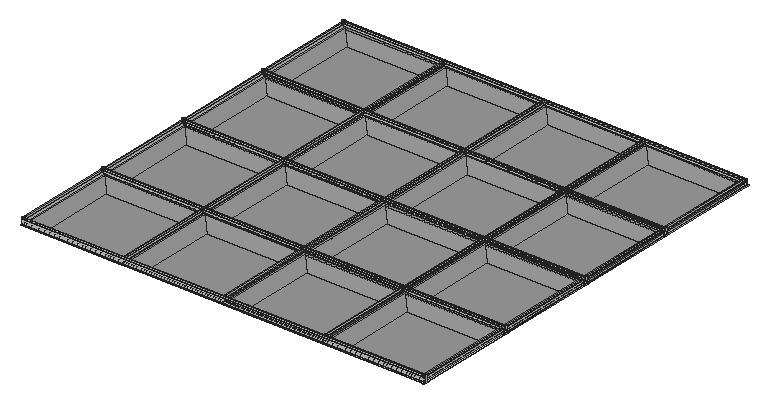
Revit family "GRD-FLD-017_FOLDED GRID 017_RFA", category Modelos genéricos, Revit 2022 (continued)
Forms (in)
  Extrusion 180, solid
    sketch origin (48.02754, 154.90856, 0) x (1, 0, 0) y (0, 0, 1)
      loop
        line (0.35803, 1.68677) -> (0.39803, 1.68677)
        arc (0.39803, 1.68677) -> (0.41512, 1.67969) -> (0.42221, 1.66259) r 0.02418
      loop
        arc (0.33294, 1.7291) -> (0.34005, 1.71194) -> (0.35722, 1.70483) r 0.02428
        line (0.35722, 1.70483) -> (0.39815, 1.70483)
        arc (0.39815, 1.70483) -> (0.42797, 1.69248) -> (0.44023, 1.66266) r 0.04217
        arc (0.44023, 1.66266) -> (0.45258, 1.69248) -> (0.4824, 1.70483) r 0.04217
        line (0.4824, 1.70483) -> (0.52333, 1.70483)
        arc (0.52333, 1.70483) -> (0.54049, 1.71194) -> (0.54761, 1.7291) r 0.02428
        line (0.54761, 1.7291) -> (0.54761, 2.15016) -> (0.45704, 2.24072)
        arc (0.45704, 2.24072) -> (0.44027, 2.24767) -> (0.42351, 2.24072) r 0.02371
        line (0.42351, 2.24072) -> (0.33294, 2.15016) -> (0.33294, 1.7291)
    from 58.93614 to 81.99864
  Extrusion 181, solid
    sketch origin (72.02767, 154.90856, 0) x (1, 0, 0) y (0, 0, 1)
      loop
        line (0.42221, 1.66259) -> (0.42231, 0.67354)
        arc (0.42231, 0.67354) -> (0.41009, 0.64403) -> (0.38057, 0.6318) r 0.04174
        line (0.38057, 0.6318) -> (-0.00639, 0.6318) -> (-0.00639, 0.59057) -> (0.8874, 0.59057) -> (0.8874, 0.6318) -> (0.49998, 0.6318)
        arc (0.49998, 0.6318) -> (0.47046, 0.64403) -> (0.45824, 0.67354) r 0.04174
        line (0.45824, 0.67354) -> (0.45834, 1.66259)
        arc (0.45834, 1.66259) -> (0.46543, 1.67969) -> (0.48252, 1.68677) r 0.02418
        line (0.48252, 1.68677) -> (0.52252, 1.68677)
        arc (0.52252, 1.68677) -> (0.55303, 1.69941) -> (0.56566, 1.72991) r 0.04314
        line (0.56566, 1.72991) -> (0.56566, 2.14095)
        arc (0.56566, 2.14095) -> (0.5626, 2.15637) -> (0.55386, 2.16944) r 0.04029
        line (0.55386, 2.16944) -> (0.47053, 2.25277)
        arc (0.47053, 2.25277) -> (0.44027, 2.2653) -> (0.41002, 2.25277) r 0.04279
        line (0.41002, 2.25277) -> (0.32669, 2.16944)
        arc (0.32669, 2.16944) -> (0.31795, 2.15637) -> (0.31489, 2.14095) r 0.04029
        line (0.31489, 2.14095) -> (0.31489, 1.72991)
        arc (0.31489, 1.72991) -> (0.32752, 1.69941) -> (0.35803, 1.68677) r 0.04314
        line (0.35803, 1.68677) -> (0.39803, 1.68677)
        arc (0.39803, 1.68677) -> (0.41512, 1.67969) -> (0.42221, 1.66259) r 0.02418
      loop
        arc (0.33294, 1.7291) -> (0.34005, 1.71194) -> (0.35722, 1.70483) r 0.02428
        line (0.35722, 1.70483) -> (0.39815, 1.70483)
        arc (0.39815, 1.70483) -> (0.42797, 1.69248) -> (0.44023, 1.66266) r 0.04217
        arc (0.44023, 1.66266) -> (0.45258, 1.69248) -> (0.4824, 1.70483) r 0.04217
        line (0.4824, 1.70483) -> (0.52333, 1.70483)
        arc (0.52333, 1.70483) -> (0.54049, 1.71194) -> (0.54761, 1.7291) r 0.02428
        line (0.54761, 1.7291) -> (0.54761, 2.15016) -> (0.45704, 2.24072)
        arc (0.45704, 2.24072) -> (0.44027, 2.24767) -> (0.42351, 2.24072) r 0.02371
        line (0.42351, 2.24072) -> (0.33294, 2.15016) -> (0.33294, 1.7291)
    from 58.93614 to 81.99864
  Extrusion 182, solid
    sketch origin (96.02767, 154.90856, 0) x (1, 0, 0) y (0, 0, 1)
      loop
        line (0.42221, 1.66259) -> (0.42231, 0.67354)
        arc (0.42231, 0.67354) -> (0.41009, 0.64403) -> (0.38057, 0.6318) r 0.04174
        line (0.38057, 0.6318) -> (-0.00639, 0.6318) -> (-0.00639, 0.59057) -> (0.8874, 0.59057) -> (0.8874, 0.6318) -> (0.49998, 0.6318)
        arc (0.49998, 0.6318) -> (0.47046, 0.64403) -> (0.45824, 0.67354) r 0.04174
        line (0.45824, 0.67354) -> (0.45834, 1.66259)
        arc (0.45834, 1.66259) -> (0.46543, 1.67969) -> (0.48252, 1.68677) r 0.02418
        line (0.48252, 1.68677) -> (0.52252, 1.68677)
        arc (0.52252, 1.68677) -> (0.55303, 1.69941) -> (0.56566, 1.72991) r 0.04314
        line (0.56566, 1.72991) -> (0.56566, 2.14095)
        arc (0.56566, 2.14095) -> (0.5626, 2.15637) -> (0.55386, 2.16944) r 0.04029
        line (0.55386, 2.16944) -> (0.47053, 2.25277)
        arc (0.47053, 2.25277) -> (0.44027, 2.2653) -> (0.41002, 2.25277) r 0.04279
        line (0.41002, 2.25277) -> (0.32669, 2.16944)
        arc (0.32669, 2.16944) -> (0.31795, 2.15637) -> (0.31489, 2.14095) r 0.04029
        line (0.31489, 2.14095) -> (0.31489, 1.72991)
        arc (0.31489, 1.72991) -> (0.32752, 1.69941) -> (0.35803, 1.68677) r 0.04314
        line (0.35803, 1.68677) -> (0.39803, 1.68677)
        arc (0.39803, 1.68677) -> (0.41512, 1.67969) -> (0.42221, 1.66259) r 0.02418
      loop
        arc (0.33294, 1.7291) -> (0.34005, 1.71194) -> (0.35722, 1.70483) r 0.02428
        line (0.35722, 1.70483) -> (0.39815, 1.70483)
        arc (0.39815, 1.70483) -> (0.42797, 1.69248) -> (0.44023, 1.66266) r 0.04217
        arc (0.44023, 1.66266) -> (0.45258, 1.69248) -> (0.4824, 1.70483) r 0.04217
        line (0.4824, 1.70483) -> (0.52333, 1.70483)
        arc (0.52333, 1.70483) -> (0.54049, 1.71194) -> (0.54761, 1.7291) r 0.02428
        line (0.54761, 1.7291) -> (0.54761, 2.15016) -> (0.45704, 2.24072)
        arc (0.45704, 2.24072) -> (0.44027, 2.24767) -> (0.42351, 2.24072) r 0.02371
        line (0.42351, 2.24072) -> (0.33294, 2.15016) -> (0.33294, 1.7291)
    from 58.93614 to 81.99864
  Extrusion 183, solid
    sketch origin (24.02767, 154.90856, 0) x (1, 0, 0) y (0, 0, 1)
      loop
        line (0.42221, 1.66259) -> (0.42231, 0.67354)
        arc (0.42231, 0.67354) -> (0.41009, 0.64403) -> (0.38057, 0.6318) r 0.04174
        line (0.38057, 0.6318) -> (-0.00639, 0.6318) -> (-0.00639, 0.59057) -> (0.8874, 0.59057) -> (0.8874, 0.6318) -> (0.49998, 0.6318)
        arc (0.49998, 0.6318) -> (0.47046, 0.64403) -> (0.45824, 0.67354) r 0.04174
        line (0.45824, 0.67354) -> (0.45834, 1.66259)
        arc (0.45834, 1.66259) -> (0.46543, 1.67969) -> (0.48252, 1.68677) r 0.02418
        line (0.48252, 1.68677) -> (0.52252, 1.68677)
        arc (0.52252, 1.68677) -> (0.55303, 1.69941) -> (0.56566, 1.72991) r 0.04314
        line (0.56566, 1.72991) -> (0.56566, 2.14095)
        arc (0.56566, 2.14095) -> (0.5626, 2.15637) -> (0.55386, 2.16944) r 0.04029
        line (0.55386, 2.16944) -> (0.47053, 2.25277)
        arc (0.47053, 2.25277) -> (0.44027, 2.2653) -> (0.41002, 2.25277) r 0.04279
        line (0.41002, 2.25277) -> (0.32669, 2.16944)
        arc (0.32669, 2.16944) -> (0.31795, 2.15637) -> (0.31489, 2.14095) r 0.04029
        line (0.31489, 2.14095) -> (0.31489, 1.72991)
        arc (0.31489, 1.72991) -> (0.32752, 1.69941) -> (0.35803, 1.68677) r 0.04314
        line (0.35803, 1.68677) -> (0.39803, 1.68677)
        arc (0.39803, 1.68677) -> (0.41512, 1.67969) -> (0.42221, 1.66259) r 0.02418
      loop
        arc (0.33294, 1.7291) -> (0.34005, 1.71194) -> (0.35722, 1.70483) r 0.02428
        line (0.35722, 1.70483) -> (0.39815, 1.70483)
        arc (0.39815, 1.70483) -> (0.42797, 1.69248) -> (0.44023, 1.66266) r 0.04217
        arc (0.44023, 1.66266) -> (0.45258, 1.69248) -> (0.4824, 1.70483) r 0.04217
        line (0.4824, 1.70483) -> (0.52333, 1.70483)
        arc (0.52333, 1.70483) -> (0.54049, 1.71194) -> (0.54761, 1.7291) r 0.02428
        line (0.54761, 1.7291) -> (0.54761, 2.15016) -> (0.45704, 2.24072)
        arc (0.45704, 2.24072) -> (0.44027, 2.24767) -> (0.42351, 2.24072) r 0.02371
        line (0.42351, 2.24072) -> (0.33294, 2.15016) -> (0.33294, 1.7291)
    from 58.93614 to 81.99864
  Extrusion 184, solid
    sketch origin (0.02767, 154.90856, 0) x (1, 0, 0) y (0, 0, 1)
      loop
        line (0.42221, 1.66259) -> (0.42231, 0.67354)
        arc (0.42231, 0.67354) -> (0.41009, 0.64403) -> (0.38057, 0.6318) r 0.04174
        line (0.38057, 0.6318) -> (-0.00639, 0.6318) -> (-0.00639, 0.59057) -> (0.8874, 0.59057) -> (0.8874, 0.6318) -> (0.49998, 0.6318)
        arc (0.49998, 0.6318) -> (0.47046, 0.64403) -> (0.45824, 0.67354) r 0.04174
        line (0.45824, 0.67354) -> (0.45834, 1.66259)
        arc (0.45834, 1.66259) -> (0.46543, 1.67969) -> (0.48252, 1.68677) r 0.02418
        line (0.48252, 1.68677) -> (0.52252, 1.68677)
        arc (0.52252, 1.68677) -> (0.55303, 1.69941) -> (0.56566, 1.72991) r 0.04314
        line (0.56566, 1.72991) -> (0.56566, 2.14095)
        arc (0.56566, 2.14095) -> (0.5626, 2.15637) -> (0.55386, 2.16944) r 0.04029
        line (0.55386, 2.16944) -> (0.47053, 2.25277)
        arc (0.47053, 2.25277) -> (0.44027, 2.2653) -> (0.41002, 2.25277) r 0.04279
        line (0.41002, 2.25277) -> (0.32669, 2.16944)
        arc (0.32669, 2.16944) -> (0.31795, 2.15637) -> (0.31489, 2.14095) r 0.04029
        line (0.31489, 2.14095) -> (0.31489, 1.72991)
        arc (0.31489, 1.72991) -> (0.32752, 1.69941) -> (0.35803, 1.68677) r 0.04314
        line (0.35803, 1.68677) -> (0.39803, 1.68677)
        arc (0.39803, 1.68677) -> (0.41512, 1.67969) -> (0.42221, 1.66259) r 0.02418
      loop
        arc (0.33294, 1.7291) -> (0.34005, 1.71194) -> (0.35722, 1.70483) r 0.02428
        line (0.35722, 1.70483) -> (0.39815, 1.70483)
        arc (0.39815, 1.70483) -> (0.42797, 1.69248) -> (0.44023, 1.66266) r 0.04217
        arc (0.44023, 1.66266) -> (0.45258, 1.69248) -> (0.4824, 1.70483) r 0.04217
        line (0.4824, 1.70483) -> (0.52333, 1.70483)
        arc (0.52333, 1.70483) -> (0.54049, 1.71194) -> (0.54761, 1.7291) r 0.02428
        line (0.54761, 1.7291) -> (0.54761, 2.15016) -> (0.45704, 2.24072)
        arc (0.45704, 2.24072) -> (0.44027, 2.24767) -> (0.42351, 2.24072) r 0.02371
        line (0.42351, 2.24072) -> (0.33294, 2.15016) -> (0.33294, 1.7291)
    from 58.93614 to 81.99864
  Extrusion 185, solid
    sketch origin (48.02754, 130.90855, 0) x (1, 0, 0) y (0, 0, 1)
      loop
        line (0.42221, 1.66259) -> (0.42231, 0.67354)
        arc (0.42231, 0.67354) -> (0.41009, 0.64403) -> (0.38057, 0.6318) r 0.04174
        line (0.38057, 0.6318) -> (-0.00639, 0.6318) -> (-0.00639, 0.59057) -> (0.8874, 0.59057) -> (0.8874, 0.6318) -> (0.49998, 0.6318)
        arc (0.49998, 0.6318) -> (0.47046, 0.64403) -> (0.45824, 0.67354) r 0.04174
        line (0.45824, 0.67354) -> (0.45834, 1.66259)
        arc (0.45834, 1.66259) -> (0.46543, 1.67969) -> (0.48252, 1.68677) r 0.02418
        line (0.48252, 1.68677) -> (0.52252, 1.68677)
        arc (0.52252, 1.68677) -> (0.55303, 1.69941) -> (0.56566, 1.72991) r 0.04314
        line (0.56566, 1.72991) -> (0.56566, 2.14095)
        arc (0.56566, 2.14095) -> (0.5626, 2.15637) -> (0.55386, 2.16944) r 0.04029
        line (0.55386, 2.16944) -> (0.47053, 2.25277)
        arc (0.47053, 2.25277) -> (0.44027, 2.2653) -> (0.41002, 2.25277) r 0.04279
        line (0.41002, 2.25277) -> (0.32669, 2.16944)
        arc (0.32669, 2.16944) -> (0.31795, 2.15637) -> (0.31489, 2.14095) r 0.04029
        line (0.31489, 2.14095) -> (0.31489, 1.72991)
        arc (0.31489, 1.72991) -> (0.32752, 1.69941) -> (0.35803, 1.68677) r 0.04314
        line (0.35803, 1.68677) -> (0.39803, 1.68677)
        arc (0.39803, 1.68677) -> (0.41512, 1.67969) -> (0.42221, 1.66259) r 0.02418
      loop
        arc (0.33294, 1.7291) -> (0.34005, 1.71194) -> (0.35722, 1.70483) r 0.02428
        line (0.35722, 1.70483) -> (0.39815, 1.70483)
        arc (0.39815, 1.70483) -> (0.42797, 1.69248) -> (0.44023, 1.66266) r 0.04217
        arc (0.44023, 1.66266) -> (0.45258, 1.69248) -> (0.4824, 1.70483) r 0.04217
        line (0.4824, 1.70483) -> (0.52333, 1.70483)
        arc (0.52333, 1.70483) -> (0.54049, 1.71194) -> (0.54761, 1.7291) r 0.02428
        line (0.54761, 1.7291) -> (0.54761, 2.15016) -> (0.45704, 2.24072)
        arc (0.45704, 2.24072) -> (0.44027, 2.24767) -> (0.42351, 2.24072) r 0.02371
        line (0.42351, 2.24072) -> (0.33294, 2.15016) -> (0.33294, 1.7291)
    from 58.93614 to 81.99864
  Extrusion 186, solid
    sketch origin (72.02767, 130.90855, 0) x (1, 0, 0) y (0, 0, 1)
      loop
        line (0.42221, 1.66259) -> (0.42231, 0.67354)
        arc (0.42231, 0.67354) -> (0.41009, 0.64403) -> (0.38057, 0.6318) r 0.04174
        line (0.38057, 0.6318) -> (-0.00639, 0.6318) -> (-0.00639, 0.59057) -> (0.8874, 0.59057) -> (0.8874, 0.6318) -> (0.49998, 0.6318)
        arc (0.49998, 0.6318) -> (0.47046, 0.64403) -> (0.45824, 0.67354) r 0.04174
        line (0.45824, 0.67354) -> (0.45834, 1.66259)
        arc (0.45834, 1.66259) -> (0.46543, 1.67969) -> (0.48252, 1.68677) r 0.02418
        line (0.48252, 1.68677) -> (0.52252, 1.68677)
        arc (0.52252, 1.68677) -> (0.55303, 1.69941) -> (0.56566, 1.72991) r 0.04314
        line (0.56566, 1.72991) -> (0.56566, 2.14095)
        arc (0.56566, 2.14095) -> (0.5626, 2.15637) -> (0.55386, 2.16944) r 0.04029
        line (0.55386, 2.16944) -> (0.47053, 2.25277)
        arc (0.47053, 2.25277) -> (0.44027, 2.2653) -> (0.41002, 2.25277) r 0.04279
        line (0.41002, 2.25277) -> (0.32669, 2.16944)
        arc (0.32669, 2.16944) -> (0.31795, 2.15637) -> (0.31489, 2.14095) r 0.04029
        line (0.31489, 2.14095) -> (0.31489, 1.72991)
        arc (0.31489, 1.72991) -> (0.32752, 1.69941) -> (0.35803, 1.68677) r 0.04314
        line (0.35803, 1.68677) -> (0.39803, 1.68677)
        arc (0.39803, 1.68677) -> (0.41512, 1.67969) -> (0.42221, 1.66259) r 0.02418
      loop
        arc (0.33294, 1.7291) -> (0.34005, 1.71194) -> (0.35722, 1.70483) r 0.02428
        line (0.35722, 1.70483) -> (0.39815, 1.70483)
        arc (0.39815, 1.70483) -> (0.42797, 1.69248) -> (0.44023, 1.66266) r 0.04217
        arc (0.44023, 1.66266) -> (0.45258, 1.69248) -> (0.4824, 1.70483) r 0.04217
        line (0.4824, 1.70483) -> (0.52333, 1.70483)
        arc (0.52333, 1.70483) -> (0.54049, 1.71194) -> (0.54761, 1.7291) r 0.02428
        line (0.54761, 1.7291) -> (0.54761, 2.15016) -> (0.45704, 2.24072)
        arc (0.45704, 2.24072) -> (0.44027, 2.24767) -> (0.42351, 2.24072) r 0.02371
        line (0.42351, 2.24072) -> (0.33294, 2.15016) -> (0.33294, 1.7291)
    from 58.93614 to 81.99864
  Extrusion 187, solid
    sketch origin (96.02767, 130.90855, 0) x (1, 0, 0) y (0, 0, 1)
      loop
        line (0.42221, 1.66259) -> (0.42231, 0.67354)
        arc (0.42231, 0.67354) -> (0.41009, 0.64403) -> (0.38057, 0.6318) r 0.04174
        line (0.38057, 0.6318) -> (-0.00639, 0.6318) -> (-0.00639, 0.59057) -> (0.8874, 0.59057) -> (0.8874, 0.6318) -> (0.49998, 0.6318)
        arc (0.49998, 0.6318) -> (0.47046, 0.64403) -> (0.45824, 0.67354) r 0.04174
        line (0.45824, 0.67354) -> (0.45834, 1.66259)
        arc (0.45834, 1.66259) -> (0.46543, 1.67969) -> (0.48252, 1.68677) r 0.02418
        line (0.48252, 1.68677) -> (0.52252, 1.68677)
        arc (0.52252, 1.68677) -> (0.55303, 1.69941) -> (0.56566, 1.72991) r 0.04314
        line (0.56566, 1.72991) -> (0.56566, 2.14095)
        arc (0.56566, 2.14095) -> (0.5626, 2.15637) -> (0.55386, 2.16944) r 0.04029
        line (0.55386, 2.16944) -> (0.47053, 2.25277)
        arc (0.47053, 2.25277) -> (0.44027, 2.2653) -> (0.41002, 2.25277) r 0.04279
        line (0.41002, 2.25277) -> (0.32669, 2.16944)
        arc (0.32669, 2.16944) -> (0.31795, 2.15637) -> (0.31489, 2.14095) r 0.04029
        line (0.31489, 2.14095) -> (0.31489, 1.72991)
        arc (0.31489, 1.72991) -> (0.32752, 1.69941) -> (0.35803, 1.68677) r 0.04314
        line (0.35803, 1.68677) -> (0.39803, 1.68677)
        arc (0.39803, 1.68677) -> (0.41512, 1.67969) -> (0.42221, 1.66259) r 0.02418
      loop
        arc (0.33294, 1.7291) -> (0.34005, 1.71194) -> (0.35722, 1.70483) r 0.02428
        line (0.35722, 1.70483) -> (0.39815, 1.70483)
        arc (0.39815, 1.70483) -> (0.42797, 1.69248) -> (0.44023, 1.66266) r 0.04217
        arc (0.44023, 1.66266) -> (0.45258, 1.69248) -> (0.4824, 1.70483) r 0.04217
        line (0.4824, 1.70483) -> (0.52333, 1.70483)
        arc (0.52333, 1.70483) -> (0.54049, 1.71194) -> (0.54761, 1.7291) r 0.02428
        line (0.54761, 1.7291) -> (0.54761, 2.15016) -> (0.45704, 2.24072)
        arc (0.45704, 2.24072) -> (0.44027, 2.24767) -> (0.42351, 2.24072) r 0.02371
        line (0.42351, 2.24072) -> (0.33294, 2.15016) -> (0.33294, 1.7291)
    from 58.93614 to 81.99864
  Extrusion 188, solid
    sketch origin (24.02767, 130.90855, 0) x (1, 0, 0) y (0, 0, 1)
      loop
        line (0.42221, 1.66259) -> (0.42231, 0.67354)
        arc (0.42231, 0.67354) -> (0.41009, 0.64403) -> (0.38057, 0.6318) r 0.04174
        line (0.38057, 0.6318) -> (-0.00639, 0.6318) -> (-0.00639, 0.59057) -> (0.8874, 0.59057) -> (0.8874, 0.6318) -> (0.49998, 0.6318)
        arc (0.49998, 0.6318) -> (0.47046, 0.64403) -> (0.45824, 0.67354) r 0.04174
        line (0.45824, 0.67354) -> (0.45834, 1.66259)
        arc (0.45834, 1.66259) -> (0.46543, 1.67969) -> (0.48252, 1.68677) r 0.02418
        line (0.48252, 1.68677) -> (0.52252, 1.68677)
        arc (0.52252, 1.68677) -> (0.55303, 1.69941) -> (0.56566, 1.72991) r 0.04314
        line (0.56566, 1.72991) -> (0.56566, 2.14095)
        arc (0.56566, 2.14095) -> (0.5626, 2.15637) -> (0.55386, 2.16944) r 0.04029
        line (0.55386, 2.16944) -> (0.47053, 2.25277)
        arc (0.47053, 2.25277) -> (0.44027, 2.2653) -> (0.41002, 2.25277) r 0.04279
        line (0.41002, 2.25277) -> (0.32669, 2.16944)
        arc (0.32669, 2.16944) -> (0.31795, 2.15637) -> (0.31489, 2.14095) r 0.04029
        line (0.31489, 2.14095) -> (0.31489, 1.72991)
        arc (0.31489, 1.72991) -> (0.32752, 1.69941) -> (0.35803, 1.68677) r 0.04314
        line (0.35803, 1.68677) -> (0.39803, 1.68677)
        arc (0.39803, 1.68677) -> (0.41512, 1.67969) -> (0.42221, 1.66259) r 0.02418
      loop
        arc (0.33294, 1.7291) -> (0.34005, 1.71194) -> (0.35722, 1.70483) r 0.02428
        line (0.35722, 1.70483) -> (0.39815, 1.70483)
        arc (0.39815, 1.70483) -> (0.42797, 1.69248) -> (0.44023, 1.66266) r 0.04217
        arc (0.44023, 1.66266) -> (0.45258, 1.69248) -> (0.4824, 1.70483) r 0.04217
        line (0.4824, 1.70483) -> (0.52333, 1.70483)
        arc (0.52333, 1.70483) -> (0.54049, 1.71194) -> (0.54761, 1.7291) r 0.02428
        line (0.54761, 1.7291) -> (0.54761, 2.15016) -> (0.45704, 2.24072)
        arc (0.45704, 2.24072) -> (0.44027, 2.24767) -> (0.42351, 2.24072) r 0.02371
        line (0.42351, 2.24072) -> (0.33294, 2.15016) -> (0.33294, 1.7291)
    from 58.93614 to 81.99864
  Extrusion 189, solid
    sketch origin (0.02767, 130.90855, 0) x (1, 0, 0) y (0, 0, 1)
      loop
        line (0.42221, 1.66259) -> (0.42231, 0.67354)
        arc (0.42231, 0.67354) -> (0.41009, 0.64403) -> (0.38057, 0.6318) r 0.04174
        line (0.38057, 0.6318) -> (-0.00639, 0.6318) -> (-0.00639, 0.59057) -> (0.8874, 0.59057) -> (0.8874, 0.6318) -> (0.49998, 0.6318)
        arc (0.49998, 0.6318) -> (0.47046, 0.64403) -> (0.45824, 0.67354) r 0.04174
        line (0.45824, 0.67354) -> (0.45834, 1.66259)
        arc (0.45834, 1.66259) -> (0.46543, 1.67969) -> (0.48252, 1.68677) r 0.02418
        line (0.48252, 1.68677) -> (0.52252, 1.68677)
        arc (0.52252, 1.68677) -> (0.55303, 1.69941) -> (0.56566, 1.72991) r 0.04314
        line (0.56566, 1.72991) -> (0.56566, 2.14095)
        arc (0.56566, 2.14095) -> (0.5626, 2.15637) -> (0.55386, 2.16944) r 0.04029
        line (0.55386, 2.16944) -> (0.47053, 2.25277)
        arc (0.47053, 2.25277) -> (0.44027, 2.2653) -> (0.41002, 2.25277) r 0.04279
        line (0.41002, 2.25277) -> (0.32669, 2.16944)
        arc (0.32669, 2.16944) -> (0.31795, 2.15637) -> (0.31489, 2.14095) r 0.04029
        line (0.31489, 2.14095) -> (0.31489, 1.72991)
        arc (0.31489, 1.72991) -> (0.32752, 1.69941) -> (0.35803, 1.68677) r 0.04314
        line (0.35803, 1.68677) -> (0.39803, 1.68677)
        arc (0.39803, 1.68677) -> (0.41512, 1.67969) -> (0.42221, 1.66259) r 0.02418
      loop
        arc (0.33294, 1.7291) -> (0.34005, 1.71194) -> (0.35722, 1.70483) r 0.02428
        line (0.35722, 1.70483) -> (0.39815, 1.70483)
        arc (0.39815, 1.70483) -> (0.42797, 1.69248) -> (0.44023, 1.66266) r 0.04217
        arc (0.44023, 1.66266) -> (0.45258, 1.69248) -> (0.4824, 1.70483) r 0.04217
        line (0.4824, 1.70483) -> (0.52333, 1.70483)
        arc (0.52333, 1.70483) -> (0.54049, 1.71194) -> (0.54761, 1.7291) r 0.02428
        line (0.54761, 1.7291) -> (0.54761, 2.15016) -> (0.45704, 2.24072)
        arc (0.45704, 2.24072) -> (0.44027, 2.24767) -> (0.42351, 2.24072) r 0.02371
        line (0.42351, 2.24072) -> (0.33294, 2.15016) -> (0.33294, 1.7291)
    from 58.93614 to 81.99864
  Extrusion 190, solid
    sketch origin (48.02754, 106.90856, 0) x (1, 0, 0) y (0, 0, 1)
      loop
        line (0.42221, 1.66259) -> (0.42231, 0.67354)
        arc (0.42231, 0.67354) -> (0.41009, 0.64403) -> (0.38057, 0.6318) r 0.04174
        line (0.38057, 0.6318) -> (-0.00639, 0.6318) -> (-0.00639, 0.59057) -> (0.8874, 0.59057) -> (0.8874, 0.6318) -> (0.49998, 0.6318)
        arc (0.49998, 0.6318) -> (0.47046, 0.64403) -> (0.45824, 0.67354) r 0.04174
        line (0.45824, 0.67354) -> (0.45834, 1.66259)
        arc (0.45834, 1.66259) -> (0.46543, 1.67969) -> (0.48252, 1.68677) r 0.02418
        line (0.48252, 1.68677) -> (0.52252, 1.68677)
        arc (0.52252, 1.68677) -> (0.55303, 1.69941) -> (0.56566, 1.72991) r 0.04314
        line (0.56566, 1.72991) -> (0.56566, 2.14095)
        arc (0.56566, 2.14095) -> (0.5626, 2.15637) -> (0.55386, 2.16944) r 0.04029
        line (0.55386, 2.16944) -> (0.47053, 2.25277)
        arc (0.47053, 2.25277) -> (0.44027, 2.2653) -> (0.41002, 2.25277) r 0.04279
        line (0.41002, 2.25277) -> (0.32669, 2.16944)
        arc (0.32669, 2.16944) -> (0.31795, 2.15637) -> (0.31489, 2.14095) r 0.04029
        line (0.31489, 2.14095) -> (0.31489, 1.72991)
        arc (0.31489, 1.72991) -> (0.32752, 1.69941) -> (0.35803, 1.68677) r 0.04314
        line (0.35803, 1.68677) -> (0.39803, 1.68677)
        arc (0.39803, 1.68677) -> (0.41512, 1.67969) -> (0.42221, 1.66259) r 0.02418
      loop
        arc (0.33294, 1.7291) -> (0.34005, 1.71194) -> (0.35722, 1.70483) r 0.02428
        line (0.35722, 1.70483) -> (0.39815, 1.70483)
        arc (0.39815, 1.70483) -> (0.42797, 1.69248) -> (0.44023, 1.66266) r 0.04217
        arc (0.44023, 1.66266) -> (0.45258, 1.69248) -> (0.4824, 1.70483) r 0.04217
        line (0.4824, 1.70483) -> (0.52333, 1.70483)
        arc (0.52333, 1.70483) -> (0.54049, 1.71194) -> (0.54761, 1.7291) r 0.02428
        line (0.54761, 1.7291) -> (0.54761, 2.15016) -> (0.45704, 2.24072)
        arc (0.45704, 2.24072) -> (0.44027, 2.24767) -> (0.42351, 2.24072) r 0.02371
        line (0.42351, 2.24072) -> (0.33294, 2.15016) -> (0.33294, 1.7291)
    from 58.93614 to 81.99864
  Extrusion 191, solid
    sketch origin (72.02767, 106.90856, 0) x (1, 0, 0) y (0, 0, 1)
      loop
        line (0.42221, 1.66259) -> (0.42231, 0.67354)
        arc (0.42231, 0.67354) -> (0.41009, 0.64403) -> (0.38057, 0.6318) r 0.04174
        line (0.38057, 0.6318) -> (-0.00639, 0.6318) -> (-0.00639, 0.59057) -> (0.8874, 0.59057) -> (0.8874, 0.6318) -> (0.49998, 0.6318)
        arc (0.49998, 0.6318) -> (0.47046, 0.64403) -> (0.45824, 0.67354) r 0.04174
        line (0.45824, 0.67354) -> (0.45834, 1.66259)
        arc (0.45834, 1.66259) -> (0.46543, 1.67969) -> (0.48252, 1.68677) r 0.02418
        line (0.48252, 1.68677) -> (0.52252, 1.68677)
        arc (0.52252, 1.68677) -> (0.55303, 1.69941) -> (0.56566, 1.72991) r 0.04314
        line (0.56566, 1.72991) -> (0.56566, 2.14095)
        arc (0.56566, 2.14095) -> (0.5626, 2.15637) -> (0.55386, 2.16944) r 0.04029
        line (0.55386, 2.16944) -> (0.47053, 2.25277)
        arc (0.47053, 2.25277) -> (0.44027, 2.2653) -> (0.41002, 2.25277) r 0.04279
        line (0.41002, 2.25277) -> (0.32669, 2.16944)
        arc (0.32669, 2.16944) -> (0.31795, 2.15637) -> (0.31489, 2.14095) r 0.04029
        line (0.31489, 2.14095) -> (0.31489, 1.72991)
        arc (0.31489, 1.72991) -> (0.32752, 1.69941) -> (0.35803, 1.68677) r 0.04314
        line (0.35803, 1.68677) -> (0.39803, 1.68677)
        arc (0.39803, 1.68677) -> (0.41512, 1.67969) -> (0.42221, 1.66259) r 0.02418
      loop
        arc (0.33294, 1.7291) -> (0.34005, 1.71194) -> (0.35722, 1.70483) r 0.02428
        line (0.35722, 1.70483) -> (0.39815, 1.70483)
        arc (0.39815, 1.70483) -> (0.42797, 1.69248) -> (0.44023, 1.66266) r 0.04217
        arc (0.44023, 1.66266) -> (0.45258, 1.69248) -> (0.4824, 1.70483) r 0.04217
        line (0.4824, 1.70483) -> (0.52333, 1.70483)
        arc (0.52333, 1.70483) -> (0.54049, 1.71194) -> (0.54761, 1.7291) r 0.02428
        line (0.54761, 1.7291) -> (0.54761, 2.15016) -> (0.45704, 2.24072)
        arc (0.45704, 2.24072) -> (0.44027, 2.24767) -> (0.42351, 2.24072) r 0.02371
        line (0.42351, 2.24072) -> (0.33294, 2.15016) -> (0.33294, 1.7291)
    from 58.93614 to 81.99864
  Extrusion 192, solid
    sketch origin (96.02767, 106.90856, 0) x (1, 0, 0) y (0, 0, 1)
      loop
        line (0.42221, 1.66259) -> (0.42231, 0.67354)
        arc (0.42231, 0.67354) -> (0.41009, 0.64403) -> (0.38057, 0.6318) r 0.04174
        line (0.38057, 0.6318) -> (-0.00639, 0.6318) -> (-0.00639, 0.59057) -> (0.8874, 0.59057) -> (0.8874, 0.6318) -> (0.49998, 0.6318)
        arc (0.49998, 0.6318) -> (0.47046, 0.64403) -> (0.45824, 0.67354) r 0.04174
        line (0.45824, 0.67354) -> (0.45834, 1.66259)
        arc (0.45834, 1.66259) -> (0.46543, 1.67969) -> (0.48252, 1.68677) r 0.02418
        line (0.48252, 1.68677) -> (0.52252, 1.68677)
        arc (0.52252, 1.68677) -> (0.55303, 1.69941) -> (0.56566, 1.72991) r 0.04314
        line (0.56566, 1.72991) -> (0.56566, 2.14095)
        arc (0.56566, 2.14095) -> (0.5626, 2.15637) -> (0.55386, 2.16944) r 0.04029
        line (0.55386, 2.16944) -> (0.47053, 2.25277)
        arc (0.47053, 2.25277) -> (0.44027, 2.2653) -> (0.41002, 2.25277) r 0.04279
        line (0.41002, 2.25277) -> (0.32669, 2.16944)
        arc (0.32669, 2.16944) -> (0.31795, 2.15637) -> (0.31489, 2.14095) r 0.04029
        line (0.31489, 2.14095) -> (0.31489, 1.72991)
        arc (0.31489, 1.72991) -> (0.32752, 1.69941) -> (0.35803, 1.68677) r 0.04314
        line (0.35803, 1.68677) -> (0.39803, 1.68677)
        arc (0.39803, 1.68677) -> (0.41512, 1.67969) -> (0.42221, 1.66259) r 0.02418
      loop
        arc (0.33294, 1.7291) -> (0.34005, 1.71194) -> (0.35722, 1.70483) r 0.02428
        line (0.35722, 1.70483) -> (0.39815, 1.70483)
        arc (0.39815, 1.70483) -> (0.42797, 1.69248) -> (0.44023, 1.66266) r 0.04217
        arc (0.44023, 1.66266) -> (0.45258, 1.69248) -> (0.4824, 1.70483) r 0.04217
        line (0.4824, 1.70483) -> (0.52333, 1.70483)
        arc (0.52333, 1.70483) -> (0.54049, 1.71194) -> (0.54761, 1.7291) r 0.02428
        line (0.54761, 1.7291) -> (0.54761, 2.15016) -> (0.45704, 2.24072)
        arc (0.45704, 2.24072) -> (0.44027, 2.24767) -> (0.42351, 2.24072) r 0.02371
        line (0.42351, 2.24072) -> (0.33294, 2.15016) -> (0.33294, 1.7291)
    from 58.93614 to 81.99864
  Extrusion 193, solid
    sketch origin (24.02767, 106.90856, 0) x (1, 0, 0) y (0, 0, 1)
      loop
        line (0.42221, 1.66259) -> (0.42231, 0.67354)
        arc (0.42231, 0.67354) -> (0.41009, 0.64403) -> (0.38057, 0.6318) r 0.04174
        line (0.38057, 0.6318) -> (-0.00639, 0.6318) -> (-0.00639, 0.59057) -> (0.8874, 0.59057) -> (0.8874, 0.6318) -> (0.49998, 0.6318)
        arc (0.49998, 0.6318) -> (0.47046, 0.64403) -> (0.45824, 0.67354) r 0.04174
        line (0.45824, 0.67354) -> (0.45834, 1.66259)
        arc (0.45834, 1.66259) -> (0.46543, 1.67969) -> (0.48252, 1.68677) r 0.02418
        line (0.48252, 1.68677) -> (0.52252, 1.68677)
        arc (0.52252, 1.68677) -> (0.55303, 1.69941) -> (0.56566, 1.72991) r 0.04314
        line (0.56566, 1.72991) -> (0.56566, 2.14095)
        arc (0.56566, 2.14095) -> (0.5626, 2.15637) -> (0.55386, 2.16944) r 0.04029
        line (0.55386, 2.16944) -> (0.47053, 2.25277)
        arc (0.47053, 2.25277) -> (0.44027, 2.2653) -> (0.41002, 2.25277) r 0.04279
        line (0.41002, 2.25277) -> (0.32669, 2.16944)
        arc (0.32669, 2.16944) -> (0.31795, 2.15637) -> (0.31489, 2.14095) r 0.04029
        line (0.31489, 2.14095) -> (0.31489, 1.72991)
        arc (0.31489, 1.72991) -> (0.32752, 1.69941) -> (0.35803, 1.68677) r 0.04314
        line (0.35803, 1.68677) -> (0.39803, 1.68677)
        arc (0.39803, 1.68677) -> (0.41512, 1.67969) -> (0.42221, 1.66259) r 0.02418
      loop
        arc (0.33294, 1.7291) -> (0.34005, 1.71194) -> (0.35722, 1.70483) r 0.02428
        line (0.35722, 1.70483) -> (0.39815, 1.70483)
        arc (0.39815, 1.70483) -> (0.42797, 1.69248) -> (0.44023, 1.66266) r 0.04217
        arc (0.44023, 1.66266) -> (0.45258, 1.69248) -> (0.4824, 1.70483) r 0.04217
        line (0.4824, 1.70483) -> (0.52333, 1.70483)
        arc (0.52333, 1.70483) -> (0.54049, 1.71194) -> (0.54761, 1.7291) r 0.02428
        line (0.54761, 1.7291) -> (0.54761, 2.15016) -> (0.45704, 2.24072)
        arc (0.45704, 2.24072) -> (0.44027, 2.24767) -> (0.42351, 2.24072) r 0.02371
        line (0.42351, 2.24072) -> (0.33294, 2.15016) -> (0.33294, 1.7291)
    from 58.93614 to 81.99864
  Extrusion 194, solid
    sketch origin (0.02767, 106.90856, 0) x (1, 0, 0) y (0, 0, 1)
      loop
        line (0.42221, 1.66259) -> (0.42231, 0.67354)
        arc (0.42231, 0.67354) -> (0.41009, 0.64403) -> (0.38057, 0.6318) r 0.04174
        line (0.38057, 0.6318) -> (-0.00639, 0.6318) -> (-0.00639, 0.59057) -> (0.8874, 0.59057) -> (0.8874, 0.6318) -> (0.49998, 0.6318)
        arc (0.49998, 0.6318) -> (0.47046, 0.64403) -> (0.45824, 0.67354) r 0.04174
        line (0.45824, 0.67354) -> (0.45834, 1.66259)
        arc (0.45834, 1.66259) -> (0.46543, 1.67969) -> (0.48252, 1.68677) r 0.02418
        line (0.48252, 1.68677) -> (0.52252, 1.68677)
        arc (0.52252, 1.68677) -> (0.55303, 1.69941) -> (0.56566, 1.72991) r 0.04314
        line (0.56566, 1.72991) -> (0.56566, 2.14095)
        arc (0.56566, 2.14095) -> (0.5626, 2.15637) -> (0.55386, 2.16944) r 0.04029
        line (0.55386, 2.16944) -> (0.47053, 2.25277)
        arc (0.47053, 2.25277) -> (0.44027, 2.2653) -> (0.41002, 2.25277) r 0.04279
        line (0.41002, 2.25277) -> (0.32669, 2.16944)
        arc (0.32669, 2.16944) -> (0.31795, 2.15637) -> (0.31489, 2.14095) r 0.04029
        line (0.31489, 2.14095) -> (0.31489, 1.72991)
        arc (0.31489, 1.72991) -> (0.32752, 1.69941) -> (0.35803, 1.68677) r 0.04314
        line (0.35803, 1.68677) -> (0.39803, 1.68677)
        arc (0.39803, 1.68677) -> (0.41512, 1.67969) -> (0.42221, 1.66259) r 0.02418
      loop
        arc (0.33294, 1.7291) -> (0.34005, 1.71194) -> (0.35722, 1.70483) r 0.02428
        line (0.35722, 1.70483) -> (0.39815, 1.70483)
        arc (0.39815, 1.70483) -> (0.42797, 1.69248) -> (0.44023, 1.66266) r 0.04217
        arc (0.44023, 1.66266) -> (0.45258, 1.69248) -> (0.4824, 1.70483) r 0.04217
        line (0.4824, 1.70483) -> (0.52333, 1.70483)
        arc (0.52333, 1.70483) -> (0.54049, 1.71194) -> (0.54761, 1.7291) r 0.02428
        line (0.54761, 1.7291) -> (0.54761, 2.15016) -> (0.45704, 2.24072)
        arc (0.45704, 2.24072) -> (0.44027, 2.24767) -> (0.42351, 2.24072) r 0.02371
        line (0.42351, 2.24072) -> (0.33294, 2.15016) -> (0.33294, 1.7291)
    from 58.93614 to 81.99864
  Extrusion 195, solid
    sketch origin (48.02754, 82.90856, 0) x (1, 0, 0) y (0, 0, 1)
      loop
        line (0.42221, 1.66259) -> (0.42231, 0.67354)
        arc (0.42231, 0.67354) -> (0.41009, 0.64403) -> (0.38057, 0.6318) r 0.04174
        line (0.38057, 0.6318) -> (-0.00639, 0.6318) -> (-0.00639, 0.59057) -> (0.8874, 0.59057) -> (0.8874, 0.6318) -> (0.49998, 0.6318)
        arc (0.49998, 0.6318) -> (0.47046, 0.64403) -> (0.45824, 0.67354) r 0.04174
        line (0.45824, 0.67354) -> (0.45834, 1.66259)
        arc (0.45834, 1.66259) -> (0.46543, 1.67969) -> (0.48252, 1.68677) r 0.02418
        line (0.48252, 1.68677) -> (0.52252, 1.68677)
        arc (0.52252, 1.68677) -> (0.55303, 1.69941) -> (0.56566, 1.72991) r 0.04314
        line (0.56566, 1.72991) -> (0.56566, 2.14095)
        arc (0.56566, 2.14095) -> (0.5626, 2.15637) -> (0.55386, 2.16944) r 0.04029
        line (0.55386, 2.16944) -> (0.47053, 2.25277)
        arc (0.47053, 2.25277) -> (0.44027, 2.2653) -> (0.41002, 2.25277) r 0.04279
        line (0.41002, 2.25277) -> (0.32669, 2.16944)
        arc (0.32669, 2.16944) -> (0.31795, 2.15637) -> (0.31489, 2.14095) r 0.04029
        line (0.31489, 2.14095) -> (0.31489, 1.72991)
        arc (0.31489, 1.72991) -> (0.32752, 1.69941) -> (0.35803, 1.68677) r 0.04314
        line (0.35803, 1.68677) -> (0.39803, 1.68677)
        arc (0.39803, 1.68677) -> (0.41512, 1.67969) -> (0.42221, 1.66259) r 0.02418
      loop
        arc (0.33294, 1.7291) -> (0.34005, 1.71194) -> (0.35722, 1.70483) r 0.02428
        line (0.35722, 1.70483) -> (0.39815, 1.70483)
        arc (0.39815, 1.70483) -> (0.42797, 1.69248) -> (0.44023, 1.66266) r 0.04217
        arc (0.44023, 1.66266) -> (0.45258, 1.69248) -> (0.4824, 1.70483) r 0.04217
        line (0.4824, 1.70483) -> (0.52333, 1.70483)
        arc (0.52333, 1.70483) -> (0.54049, 1.71194) -> (0.54761, 1.7291) r 0.02428
        line (0.54761, 1.7291) -> (0.54761, 2.15016) -> (0.45704, 2.24072)
        arc (0.45704, 2.24072) -> (0.44027, 2.24767) -> (0.42351, 2.24072) r 0.02371
        line (0.42351, 2.24072) -> (0.33294, 2.15016) -> (0.33294, 1.7291)
    from 58.93614 to 81.99864
  Extrusion 196, solid
    sketch origin (72.02767, 82.90856, 0) x (1, 0, 0) y (0, 0, 1)
      loop
        line (0.42221, 1.66259) -> (0.42231, 0.67354)
        arc (0.42231, 0.67354) -> (0.41009, 0.64403) -> (0.38057, 0.6318) r 0.04174
        line (0.38057, 0.6318) -> (-0.00639, 0.6318) -> (-0.00639, 0.59057) -> (0.8874, 0.59057) -> (0.8874, 0.6318) -> (0.49998, 0.6318)
        arc (0.49998, 0.6318) -> (0.47046, 0.64403) -> (0.45824, 0.67354) r 0.04174
        line (0.45824, 0.67354) -> (0.45834, 1.66259)
        arc (0.45834, 1.66259) -> (0.46543, 1.67969) -> (0.48252, 1.68677) r 0.02418
        line (0.48252, 1.68677) -> (0.52252, 1.68677)
        arc (0.52252, 1.68677) -> (0.55303, 1.69941) -> (0.56566, 1.72991) r 0.04314
        line (0.56566, 1.72991) -> (0.56566, 2.14095)
        arc (0.56566, 2.14095) -> (0.5626, 2.15637) -> (0.55386, 2.16944) r 0.04029
        line (0.55386, 2.16944) -> (0.47053, 2.25277)
        arc (0.47053, 2.25277) -> (0.44027, 2.2653) -> (0.41002, 2.25277) r 0.04279
        line (0.41002, 2.25277) -> (0.32669, 2.16944)
        arc (0.32669, 2.16944) -> (0.31795, 2.15637) -> (0.31489, 2.14095) r 0.04029
        line (0.31489, 2.14095) -> (0.31489, 1.72991)
        arc (0.31489, 1.72991) -> (0.32752, 1.69941) -> (0.35803, 1.68677) r 0.04314
        line (0.35803, 1.68677) -> (0.39803, 1.68677)
        arc (0.39803, 1.68677) -> (0.41512, 1.67969) -> (0.42221, 1.66259) r 0.02418
      loop
        arc (0.33294, 1.7291) -> (0.34005, 1.71194) -> (0.35722, 1.70483) r 0.02428
        line (0.35722, 1.70483) -> (0.39815, 1.70483)
        arc (0.39815, 1.70483) -> (0.42797, 1.69248) -> (0.44023, 1.66266) r 0.04217
        arc (0.44023, 1.66266) -> (0.45258, 1.69248) -> (0.4824, 1.70483) r 0.04217
        line (0.4824, 1.70483) -> (0.52333, 1.70483)
        arc (0.52333, 1.70483) -> (0.54049, 1.71194) -> (0.54761, 1.7291) r 0.02428
        line (0.54761, 1.7291) -> (0.54761, 2.15016) -> (0.45704, 2.24072)
        arc (0.45704, 2.24072) -> (0.44027, 2.24767) -> (0.42351, 2.24072) r 0.02371
        line (0.42351, 2.24072) -> (0.33294, 2.15016) -> (0.33294, 1.7291)
    from 58.93614 to 81.99864
  Extrusion 197, solid
    sketch origin (96.02767, 82.90856, 0) x (1, 0, 0) y (0, 0, 1)
      loop
        line (0.42221, 1.66259) -> (0.42231, 0.67354)
        arc (0.42231, 0.67354) -> (0.41009, 0.64403) -> (0.38057, 0.6318) r 0.04174
        line (0.38057, 0.6318) -> (-0.00639, 0.6318) -> (-0.00639, 0.59057) -> (0.8874, 0.59057) -> (0.8874, 0.6318) -> (0.49998, 0.6318)
        arc (0.49998, 0.6318) -> (0.47046, 0.64403) -> (0.45824, 0.67354) r 0.04174
        line (0.45824, 0.67354) -> (0.45834, 1.66259)
        arc (0.45834, 1.66259) -> (0.46543, 1.67969) -> (0.48252, 1.68677) r 0.02418
        line (0.48252, 1.68677) -> (0.52252, 1.68677)
        arc (0.52252, 1.68677) -> (0.55303, 1.69941) -> (0.56566, 1.72991) r 0.04314
        line (0.56566, 1.72991) -> (0.56566, 2.14095)
        arc (0.56566, 2.14095) -> (0.5626, 2.15637) -> (0.55386, 2.16944) r 0.04029
        line (0.55386, 2.16944) -> (0.47053, 2.25277)
        arc (0.47053, 2.25277) -> (0.44027, 2.2653) -> (0.41002, 2.25277) r 0.04279
        line (0.41002, 2.25277) -> (0.32669, 2.16944)
        arc (0.32669, 2.16944) -> (0.31795, 2.15637) -> (0.31489, 2.14095) r 0.04029
        line (0.31489, 2.14095) -> (0.31489, 1.72991)
        arc (0.31489, 1.72991) -> (0.32752, 1.69941) -> (0.35803, 1.68677) r 0.04314
        line (0.35803, 1.68677) -> (0.39803, 1.68677)
        arc (0.39803, 1.68677) -> (0.41512, 1.67969) -> (0.42221, 1.66259) r 0.02418
      loop
        arc (0.33294, 1.7291) -> (0.34005, 1.71194) -> (0.35722, 1.70483) r 0.02428
        line (0.35722, 1.70483) -> (0.39815, 1.70483)
        arc (0.39815, 1.70483) -> (0.42797, 1.69248) -> (0.44023, 1.66266) r 0.04217
        arc (0.44023, 1.66266) -> (0.45258, 1.69248) -> (0.4824, 1.70483) r 0.04217
        line (0.4824, 1.70483) -> (0.52333, 1.70483)
        arc (0.52333, 1.70483) -> (0.54049, 1.71194) -> (0.54761, 1.7291) r 0.02428
        line (0.54761, 1.7291) -> (0.54761, 2.15016) -> (0.45704, 2.24072)
        arc (0.45704, 2.24072) -> (0.44027, 2.24767) -> (0.42351, 2.24072) r 0.02371
        line (0.42351, 2.24072) -> (0.33294, 2.15016) -> (0.33294, 1.7291)
    from 58.93614 to 81.99864
  Extrusion 198, solid
    sketch origin (24.02767, 82.90856, 0) x (1, 0, 0) y (0, 0, 1)
      loop
        line (0.42221, 1.66259) -> (0.42231, 0.67354)
        arc (0.42231, 0.67354) -> (0.41009, 0.64403) -> (0.38057, 0.6318) r 0.04174
        line (0.38057, 0.6318) -> (-0.00639, 0.6318) -> (-0.00639, 0.59057) -> (0.8874, 0.59057) -> (0.8874, 0.6318) -> (0.49998, 0.6318)
        arc (0.49998, 0.6318) -> (0.47046, 0.64403) -> (0.45824, 0.67354) r 0.04174
        line (0.45824, 0.67354) -> (0.45834, 1.66259)
        arc (0.45834, 1.66259) -> (0.46543, 1.67969) -> (0.48252, 1.68677) r 0.02418
        line (0.48252, 1.68677) -> (0.52252, 1.68677)
        arc (0.52252, 1.68677) -> (0.55303, 1.69941) -> (0.56566, 1.72991) r 0.04314
        line (0.56566, 1.72991) -> (0.56566, 2.14095)
        arc (0.56566, 2.14095) -> (0.5626, 2.15637) -> (0.55386, 2.16944) r 0.04029
        line (0.55386, 2.16944) -> (0.47053, 2.25277)
        arc (0.47053, 2.25277) -> (0.44027, 2.2653) -> (0.41002, 2.25277) r 0.04279
        line (0.41002, 2.25277) -> (0.32669, 2.16944)
        arc (0.32669, 2.16944) -> (0.31795, 2.15637) -> (0.31489, 2.14095) r 0.04029
        line (0.31489, 2.14095) -> (0.31489, 1.72991)
        arc (0.31489, 1.72991) -> (0.32752, 1.69941) -> (0.35803, 1.68677) r 0.04314
        line (0.35803, 1.68677) -> (0.39803, 1.68677)
        arc (0.39803, 1.68677) -> (0.41512, 1.67969) -> (0.42221, 1.66259) r 0.02418
      loop
        arc (0.33294, 1.7291) -> (0.34005, 1.71194) -> (0.35722, 1.70483) r 0.02428
        line (0.35722, 1.70483) -> (0.39815, 1.70483)
        arc (0.39815, 1.70483) -> (0.42797, 1.69248) -> (0.44023, 1.66266) r 0.04217
        arc (0.44023, 1.66266) -> (0.45258, 1.69248) -> (0.4824, 1.70483) r 0.04217
        line (0.4824, 1.70483) -> (0.52333, 1.70483)
        arc (0.52333, 1.70483) -> (0.54049, 1.71194) -> (0.54761, 1.7291) r 0.02428
        line (0.54761, 1.7291) -> (0.54761, 2.15016) -> (0.45704, 2.24072)
        arc (0.45704, 2.24072) -> (0.44027, 2.24767) -> (0.42351, 2.24072) r 0.02371
        line (0.42351, 2.24072) -> (0.33294, 2.15016) -> (0.33294, 1.7291)
    from 58.93614 to 81.99864
  Extrusion 199, solid
    sketch origin (0.02767, 82.90856, 0) x (1, 0, 0) y (0, 0, 1)
      loop
        line (0.42221, 1.66259) -> (0.42231, 0.67354)
        arc (0.42231, 0.67354) -> (0.41009, 0.64403) -> (0.38057, 0.6318) r 0.04174
        line (0.38057, 0.6318) -> (-0.00639, 0.6318) -> (-0.00639, 0.59057) -> (0.8874, 0.59057) -> (0.8874, 0.6318) -> (0.49998, 0.6318)
        arc (0.49998, 0.6318) -> (0.47046, 0.64403) -> (0.45824, 0.67354) r 0.04174
        line (0.45824, 0.67354) -> (0.45834, 1.66259)
        arc (0.45834, 1.66259) -> (0.46543, 1.67969) -> (0.48252, 1.68677) r 0.02418
        line (0.48252, 1.68677) -> (0.52252, 1.68677)
        arc (0.52252, 1.68677) -> (0.55303, 1.69941) -> (0.56566, 1.72991) r 0.04314
        line (0.56566, 1.72991) -> (0.56566, 2.14095)
        arc (0.56566, 2.14095) -> (0.5626, 2.15637) -> (0.55386, 2.16944) r 0.04029
        line (0.55386, 2.16944) -> (0.47053, 2.25277)
        arc (0.47053, 2.25277) -> (0.44027, 2.2653) -> (0.41002, 2.25277) r 0.04279
        line (0.41002, 2.25277) -> (0.32669, 2.16944)
        arc (0.32669, 2.16944) -> (0.31795, 2.15637) -> (0.31489, 2.14095) r 0.04029
        line (0.31489, 2.14095) -> (0.31489, 1.72991)
        arc (0.31489, 1.72991) -> (0.32752, 1.69941) -> (0.35803, 1.68677) r 0.04314
        line (0.35803, 1.68677) -> (0.39803, 1.68677)
        arc (0.39803, 1.68677) -> (0.41512, 1.67969) -> (0.42221, 1.66259) r 0.02418
      loop
        arc (0.33294, 1.7291) -> (0.34005, 1.71194) -> (0.35722, 1.70483) r 0.02428
        line (0.35722, 1.70483) -> (0.39815, 1.70483)
        arc (0.39815, 1.70483) -> (0.42797, 1.69248) -> (0.44023, 1.66266) r 0.04217
        arc (0.44023, 1.66266) -> (0.45258, 1.69248) -> (0.4824, 1.70483) r 0.04217
        line (0.4824, 1.70483) -> (0.52333, 1.70483)
        arc (0.52333, 1.70483) -> (0.54049, 1.71194) -> (0.54761, 1.7291) r 0.02428
        line (0.54761, 1.7291) -> (0.54761, 2.15016) -> (0.45704, 2.24072)
        arc (0.45704, 2.24072) -> (0.44027, 2.24767) -> (0.42351, 2.24072) r 0.02371
        line (0.42351, 2.24072) -> (0.33294, 2.15016) -> (0.33294, 1.7291)
    from 58.93614 to 81.99864
  Extrusion 200, solid, not visible
    sketch origin (0, 0, 0) x (1, 0, 0) y (0, 1, 0)
      loop
        line (24.34376, 0.56617) -> (24.34376, 24.31617) -> (0.59376, 24.31617) -> (0.59376, 0.56617) -> (24.34376, 0.56617)
    from 0.11811 to 0.59055
  Extrusion 201, solid, not visible
    sketch origin (0, 0, 0) x (1, 0, 0) y (0, 1, 0)
      loop
        line (24.34376, 0.56617) -> (24.34376, 24.31617) -> (0.59376, 24.31617) -> (0.59376, 0.56617) -> (24.34376, 0.56617)
    from 0 to 0.11811
  Extrusion 202, solid, not visible
    sketch origin (24, 0, 0) x (1, 0, 0) y (0, 1, 0)
      loop
        line (24.34376, 0.56617) -> (24.34376, 24.31617) -> (0.59376, 24.31617) -> (0.59376, 0.56617) -> (24.34376, 0.56617)
    from 0.11811 to 0.59055
  Extrusion 203, solid, not visible
    sketch origin (24, 0, 0) x (1, 0, 0) y (0, 1, 0)
      loop
        line (24.34376, 0.56617) -> (24.34376, 24.31617) -> (0.59376, 24.31617) -> (0.59376, 0.56617) -> (24.34376, 0.56617)
    from 0 to 0.11811
  Extrusion 204, solid, not visible
    sketch origin (48, 0, 0) x (1, 0, 0) y (0, 1, 0)
      loop
        line (24.34376, 0.56617) -> (24.34376, 24.31617) -> (0.59376, 24.31617) -> (0.59376, 0.56617) -> (24.34376, 0.56617)
    from 0.11811 to 0.59055
  Extrusion 205, solid, not visible
    sketch origin (48, 0, 0) x (1, 0, 0) y (0, 1, 0)
      loop
        line (24.34376, 0.56617) -> (24.34376, 24.31617) -> (0.59376, 24.31617) -> (0.59376, 0.56617) -> (24.34376, 0.56617)
    from 0 to 0.11811
  Extrusion 206, solid, not visible
    sketch origin (72, 0, 0) x (1, 0, 0) y (0, 1, 0)
      loop
        line (24.34376, 0.56617) -> (24.34376, 24.31617) -> (0.59376, 24.31617) -> (0.59376, 0.56617) -> (24.34376, 0.56617)
    from 0.11811 to 0.59055
  Extrusion 207, solid, not visible
    sketch origin (72, 0, 0) x (1, 0, 0) y (0, 1, 0)
      loop
        line (24.34376, 0.56617) -> (24.34376, 24.31617) -> (0.59376, 24.31617) -> (0.59376, 0.56617) -> (24.34376, 0.56617)
    from 0 to 0.11811
  Extrusion 208, solid, not visible
    sketch origin (0, 24, 0) x (1, 0, 0) y (0, 1, 0)
      loop
        line (24.34376, 0.56617) -> (24.34376, 24.31617) -> (0.59376, 24.31617) -> (0.59376, 0.56617) -> (24.34376, 0.56617)
    from 0.11811 to 0.59055
  Extrusion 209, solid, not visible
    sketch origin (0, 24, 0) x (1, 0, 0) y (0, 1, 0)
      loop
        line (24.34376, 0.56617) -> (24.34376, 24.31617) -> (0.59376, 24.31617) -> (0.59376, 0.56617) -> (24.34376, 0.56617)
    from 0 to 0.11811
  Extrusion 210, solid, not visible
    sketch origin (24, 24, 0) x (1, 0, 0) y (0, 1, 0)
      loop
        line (24.34376, 0.56617) -> (24.34376, 24.31617) -> (0.59376, 24.31617) -> (0.59376, 0.56617) -> (24.34376, 0.56617)
    from 0.11811 to 0.59055
  Extrusion 211, solid, not visible
    sketch origin (24, 24, 0) x (1, 0, 0) y (0, 1, 0)
      loop
        line (24.34376, 0.56617) -> (24.34376, 24.31617) -> (0.59376, 24.31617) -> (0.59376, 0.56617) -> (24.34376, 0.56617)
    from 0 to 0.11811
  Extrusion 212, solid, not visible
    sketch origin (48, 24, 0) x (1, 0, 0) y (0, 1, 0)
      loop
        line (24.34376, 0.56617) -> (24.34376, 24.31617) -> (0.59376, 24.31617) -> (0.59376, 0.56617) -> (24.34376, 0.56617)
    from 0.11811 to 0.59055
  Extrusion 213, solid, not visible
    sketch origin (48, 24, 0) x (1, 0, 0) y (0, 1, 0)
      loop
        line (24.34376, 0.56617) -> (24.34376, 24.31617) -> (0.59376, 24.31617) -> (0.59376, 0.56617) -> (24.34376, 0.56617)
    from 0 to 0.11811
  Extrusion 214, solid, not visible
    sketch origin (72, 24, 0) x (1, 0, 0) y (0, 1, 0)
      loop
        line (24.34376, 0.56617) -> (24.34376, 24.31617) -> (0.59376, 24.31617) -> (0.59376, 0.56617) -> (24.34376, 0.56617)
    from 0.11811 to 0.59055
  Extrusion 215, solid, not visible
    sketch origin (72, 24, 0) x (1, 0, 0) y (0, 1, 0)
      loop
        line (24.34376, 0.56617) -> (24.34376, 24.31617) -> (0.59376, 24.31617) -> (0.59376, 0.56617) -> (24.34376, 0.56617)
    from 0 to 0.11811
  Extrusion 216, solid, not visible
    sketch origin (0, 48, 0) x (1, 0, 0) y (0, 1, 0)
      loop
        line (24.34376, 0.56617) -> (24.34376, 24.31617) -> (0.59376, 24.31617) -> (0.59376, 0.56617) -> (24.34376, 0.56617)
    from 0.11811 to 0.59055
  Extrusion 217, solid, not visible
    sketch origin (0, 48, 0) x (1, 0, 0) y (0, 1, 0)
      loop
        line (24.34376, 0.56617) -> (24.34376, 24.31617) -> (0.59376, 24.31617) -> (0.59376, 0.56617) -> (24.34376, 0.56617)
    from 0 to 0.11811
  Extrusion 218, solid, not visible
    sketch origin (24, 48, 0) x (1, 0, 0) y (0, 1, 0)
      loop
        line (24.34376, 0.56617) -> (24.34376, 24.31617) -> (0.59376, 24.31617) -> (0.59376, 0.56617) -> (24.34376, 0.56617)
    from 0.11811 to 0.59055
  Extrusion 219, solid, not visible
    sketch origin (24, 48, 0) x (1, 0, 0) y (0, 1, 0)
      loop
        line (24.34376, 0.56617) -> (24.34376, 24.31617) -> (0.59376, 24.31617) -> (0.59376, 0.56617) -> (24.34376, 0.56617)
    from 0 to 0.11811
  Extrusion 220, solid, not visible
    sketch origin (48, 48, 0) x (1, 0, 0) y (0, 1, 0)
      loop
        line (24.34376, 0.56617) -> (24.34376, 24.31617) -> (0.59376, 24.31617) -> (0.59376, 0.56617) -> (24.34376, 0.56617)
    from 0.11811 to 0.59055
  Extrusion 221, solid, not visible
    sketch origin (48, 48, 0) x (1, 0, 0) y (0, 1, 0)
      loop
        line (24.34376, 0.56617) -> (24.34376, 24.31617) -> (0.59376, 24.31617) -> (0.59376, 0.56617) -> (24.34376, 0.56617)
    from 0 to 0.11811
  Extrusion 222, solid, not visible
    sketch origin (72, 48, 0) x (1, 0, 0) y (0, 1, 0)
      loop
        line (24.34376, 0.56617) -> (24.34376, 24.31617) -> (0.59376, 24.31617) -> (0.59376, 0.56617) -> (24.34376, 0.56617)
    from 0.11811 to 0.59055
  Extrusion 223, solid, not visible
    sketch origin (72, 48, 0) x (1, 0, 0) y (0, 1, 0)
      loop
        line (24.34376, 0.56617) -> (24.34376, 24.31617) -> (0.59376, 24.31617) -> (0.59376, 0.56617) -> (24.34376, 0.56617)
    from 0 to 0.11811
  Extrusion 224, solid, not visible
    sketch origin (0, 72, 0) x (1, 0, 0) y (0, 1, 0)
      loop
        line (24.34376, 0.56617) -> (24.34376, 24.31617) -> (0.59376, 24.31617) -> (0.59376, 0.56617) -> (24.34376, 0.56617)
    from 0.11811 to 0.59055
  Extrusion 225, solid, not visible
    sketch origin (0, 72, 0) x (1, 0, 0) y (0, 1, 0)
      loop
        line (24.34376, 0.56617) -> (24.34376, 24.31617) -> (0.59376, 24.31617) -> (0.59376, 0.56617) -> (24.34376, 0.56617)
    from 0 to 0.11811
  Extrusion 226, solid, not visible
    sketch origin (24, 72, 0) x (1, 0, 0) y (0, 1, 0)
      loop
        line (24.34376, 0.56617) -> (24.34376, 24.31617) -> (0.59376, 24.31617) -> (0.59376, 0.56617) -> (24.34376, 0.56617)
    from 0.11811 to 0.59055
  Extrusion 227, solid, not visible
    sketch origin (24, 72, 0) x (1, 0, 0) y (0, 1, 0)
      loop
        line (24.34376, 0.56617) -> (24.34376, 24.31617) -> (0.59376, 24.31617) -> (0.59376, 0.56617) -> (24.34376, 0.56617)
    from 0 to 0.11811
  Extrusion 228, solid, not visible
    sketch origin (48, 72, 0) x (1, 0, 0) y (0, 1, 0)
      loop
        line (24.34376, 0.56617) -> (24.34376, 24.31617) -> (0.59376, 24.31617) -> (0.59376, 0.56617) -> (24.34376, 0.56617)
    from 0.11811 to 0.59055
  Extrusion 229, solid, not visible
    sketch origin (48, 72, 0) x (1, 0, 0) y (0, 1, 0)
      loop
        line (24.34376, 0.56617) -> (24.34376, 24.31617) -> (0.59376, 24.31617) -> (0.59376, 0.56617) -> (24.34376, 0.56617)
    from 0 to 0.11811
  Extrusion 230, solid, not visible
    sketch origin (72, 72, 0) x (1, 0, 0) y (0, 1, 0)
      loop
        line (24.34376, 0.56617) -> (24.34376, 24.31617) -> (0.59376, 24.31617) -> (0.59376, 0.56617) -> (24.34376, 0.56617)
    from 0.11811 to 0.59055
  Extrusion 231, solid, not visible
    sketch origin (72, 72, 0) x (1, 0, 0) y (0, 1, 0)
      loop
        line (24.34376, 0.56617) -> (24.34376, 24.31617) -> (0.59376, 24.31617) -> (0.59376, 0.56617) -> (24.34376, 0.56617)
    from 0 to 0.11811
  Extrusion 232, solid, not visible
    sketch origin (0, 0, 0) x (0, 1, 0) y (0, 0, 1)
      loop
        line (0.42221, 1.66259) -> (0.42231, 0.67354)
        arc (0.42231, 0.67354) -> (0.41009, 0.64403) -> (0.38057, 0.6318) r 0.04174
        line (0.38057, 0.6318) -> (-0.00639, 0.6318) -> (-0.00639, 0.59057) -> (0.8874, 0.59057) -> (0.8874, 0.6318) -> (0.49998, 0.6318)
        arc (0.49998, 0.6318) -> (0.47046, 0.64403) -> (0.45824, 0.67354) r 0.04174
        line (0.45824, 0.67354) -> (0.45834, 1.66259)
        arc (0.45834, 1.66259) -> (0.46543, 1.67969) -> (0.48252, 1.68677) r 0.02418
        line (0.48252, 1.68677) -> (0.52252, 1.68677)
        arc (0.52252, 1.68677) -> (0.55303, 1.69941) -> (0.56566, 1.72991) r 0.04314
        line (0.56566, 1.72991) -> (0.56566, 2.14095)
        arc (0.56566, 2.14095) -> (0.5626, 2.15637) -> (0.55386, 2.16944) r 0.04029
        line (0.55386, 2.16944) -> (0.47053, 2.25277)
        arc (0.47053, 2.25277) -> (0.44027, 2.2653) -> (0.41002, 2.25277) r 0.04279
        line (0.41002, 2.25277) -> (0.32669, 2.16944)
        arc (0.32669, 2.16944) -> (0.31795, 2.15637) -> (0.31489, 2.14095) r 0.04029
        line (0.31489, 2.14095) -> (0.31489, 1.72991)
        arc (0.31489, 1.72991) -> (0.32752, 1.69941) -> (0.35803, 1.68677) r 0.04314
        line (0.35803, 1.68677) -> (0.39803, 1.68677)
        arc (0.39803, 1.68677) -> (0.41512, 1.67969) -> (0.42221, 1.66259) r 0.02418
      loop
        arc (0.33294, 1.7291) -> (0.34005, 1.71194) -> (0.35722, 1.70483) r 0.02428
        line (0.35722, 1.70483) -> (0.39815, 1.70483)
        arc (0.39815, 1.70483) -> (0.42797, 1.69248) -> (0.44023, 1.66266) r 0.04217
        arc (0.44023, 1.66266) -> (0.45258, 1.69248) -> (0.4824, 1.70483) r 0.04217
        line (0.4824, 1.70483) -> (0.52333, 1.70483)
        arc (0.52333, 1.70483) -> (0.54049, 1.71194) -> (0.54761, 1.7291) r 0.02428
        line (0.54761, 1.7291) -> (0.54761, 2.15016) -> (0.45704, 2.24072)
        arc (0.45704, 2.24072) -> (0.44027, 2.24767) -> (0.42351, 2.24072) r 0.02371
        line (0.42351, 2.24072) -> (0.33294, 2.15016) -> (0.33294, 1.7291)
    from 0 to 96.9361
  Extrusion 233, solid, not visible
    sketch origin (0, 24, 0) x (0, 1, 0) y (0, 0, 1)
      loop
        line (0.42221, 1.66259) -> (0.42231, 0.67354)
        arc (0.42231, 0.67354) -> (0.41009, 0.64403) -> (0.38057, 0.6318) r 0.04174
        line (0.38057, 0.6318) -> (-0.00639, 0.6318) -> (-0.00639, 0.59057) -> (0.8874, 0.59057) -> (0.8874, 0.6318) -> (0.49998, 0.6318)
        arc (0.49998, 0.6318) -> (0.47046, 0.64403) -> (0.45824, 0.67354) r 0.04174
        line (0.45824, 0.67354) -> (0.45834, 1.66259)
        arc (0.45834, 1.66259) -> (0.46543, 1.67969) -> (0.48252, 1.68677) r 0.02418
        line (0.48252, 1.68677) -> (0.52252, 1.68677)
        arc (0.52252, 1.68677) -> (0.55303, 1.69941) -> (0.56566, 1.72991) r 0.04314
        line (0.56566, 1.72991) -> (0.56566, 2.14095)
        arc (0.56566, 2.14095) -> (0.5626, 2.15637) -> (0.55386, 2.16944) r 0.04029
        line (0.55386, 2.16944) -> (0.47053, 2.25277)
        arc (0.47053, 2.25277) -> (0.44027, 2.2653) -> (0.41002, 2.25277) r 0.04279
        line (0.41002, 2.25277) -> (0.32669, 2.16944)
        arc (0.32669, 2.16944) -> (0.31795, 2.15637) -> (0.31489, 2.14095) r 0.04029
        line (0.31489, 2.14095) -> (0.31489, 1.72991)
        arc (0.31489, 1.72991) -> (0.32752, 1.69941) -> (0.35803, 1.68677) r 0.04314
        line (0.35803, 1.68677) -> (0.39803, 1.68677)
        arc (0.39803, 1.68677) -> (0.41512, 1.67969) -> (0.42221, 1.66259) r 0.02418
      loop
        arc (0.33294, 1.7291) -> (0.34005, 1.71194) -> (0.35722, 1.70483) r 0.02428
        line (0.35722, 1.70483) -> (0.39815, 1.70483)
        arc (0.39815, 1.70483) -> (0.42797, 1.69248) -> (0.44023, 1.66266) r 0.04217
